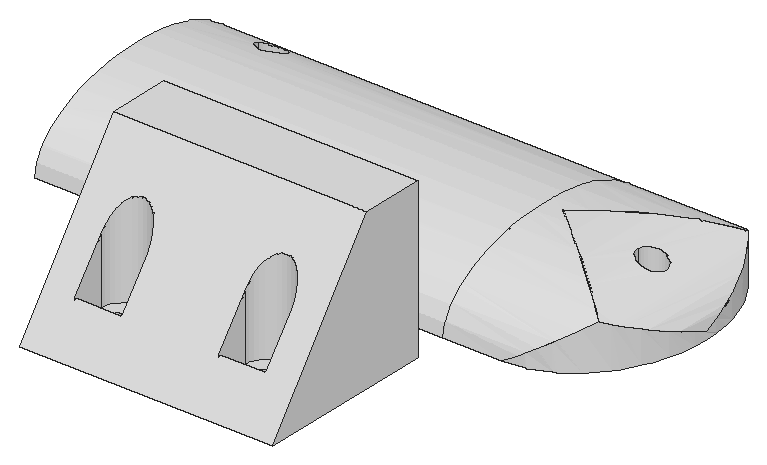
Revit family "ИО-102-40 А2П(3)", category Датчики, Revit 2019
Family settings
  Сохранять ориентацию аннотаций = Нет
  Размер круглого соединителя = Использовать диаметр
  Тип детали = Нормальный
  Номер OmniClass = 23.85.50.17
  Заголовок OmniClass = Communication and Data Processing Equipment
  На основе рабочей плоскости = Нет
  Всегда вертикально = Да
  При загрузке вырезать с полостями = Нет
  Общий = Нет
  Точка расчета площади = Нет
Parameters (values of type "ИО-102-40 А2П(3)")
  Цвет = Пластик белый
  Смещение УГО по горизонтали [instance] = if((2000 mm - Сдвиг УГО по горизонтали) < 0 mm, 0 mm, 2000 mm - Сдвиг УГО по горизонтали)  # 2000 mm
  Смещение УГО по вертикали [instance] = if((2000 mm - Сдвиг УГО по вертикали) < 0 mm, 0 mm, 2000 mm - Сдвиг УГО по вертикали)  # 2000 mm
  Сдвиг УГО по горизонтали [instance] = 0 mm
  Сдвиг УГО по вертикали [instance] = 0 mm
  Описание = "Корпус из пластика, вывод гофрорукав из оцинкованной стали, тип корпуса датчика \"лыжа\""
  Изготовитель = [ADSK_Завод-изготовитель]  # "НПП «МАГНИТО-КОНТАКТ»"
  URL = "https://m-kontakt.ru/produkt/datch_dlya_magn_konstr/io102-40"
  ADSK_Наименование = "ИО-102-40 А2П(3)"
  ADSK_Масса = 0.145
  ADSK_Код изделия = "00-00001379"
  ADSK_Завод-изготовитель = "НПП «МАГНИТО-КОНТАКТ»"  # constant formula
  ADSK_Единица измерения = "шт."  # constant formula
Reference planes
  plane 1 "По центру (Вперед/Назад)": y = 0
  plane 2: z = 0
  plane 3 "По центру (Влево/Вправо)": x = 0
  plane 4: x = 0
  plane 5: x = 2000
  plane 6: y = 2000
  plane 7: y = 0
  plane 8: x = 0
Forms (mm)
  Extrusion 1, solid, material "Пластик белый" <- "Цвет", detail levels medium+fine
    sketch origin (-31.069, -37.5, 0) x (1, 0, 0) y (0, 1, 0)
      loop
        spline (59.75, 35) -> (63.978, 35.681) -> (67.918, 37.679) -> (71.301, 40.858) -> (73.897, 45) -> (75.529, 49.824) -> (76.085, 55) -> (75.529, 60.176) -> (73.897, 65) -> (71.301, 69.142) -> (67.918, 72.321) -> (63.978, 74.319) -> (59.75, 75)
        line (59.75, 75) -> (50.504, 75) -> (50.504, 35) -> (59.75, 35)
    from 0 to 10.4
  Extrusion 2, void
    sketch origin (-21.069, -32.5, 0) x (-1, 0, 0) y (0, -1, 0)
      loop
        circle (-57.5, -50) r 2.25
    from 0 to 20
  Extrusion 3, void
    sketch origin (23.931, 55.034, 0) x (1, 0, 0) y (0, 1, 0)
      loop
        circle (-57.5, -50) r 2.25
    from 0 to 20
  Extrusion 4, void
    sketch origin (-31.069, 0, 1.127) x (1, 0, 0) y (0, 0, 1)
      loop
        line (76.085, 0) -> (81.085, 0) -> (81.085, 17.456) -> (53.338, 17.456) -> (53.338, 9.273)
        spline (53.338, 9.273) -> (56.307, 9.193) -> (59.225, 8.957) -> (62.043, 8.567) -> (64.712, 8.03) -> (67.186, 7.356) -> (69.423, 6.557) -> (71.385, 5.645) -> (73.038, 4.636) -> (74.354, 3.548) -> (75.31, 2.4) -> (75.891, 1.21) -> (76.085, 0)
    from -37.5 to 2.5
  Extrusion 5, solid, material "Пластик белый" <- "Цвет", detail levels medium+fine
    sketch origin (0, 0, 0) x (0, 1, 0) y (0, 0, 1)
      loop
        spline (37.5, 0) -> (36.819, 2.692) -> (34.821, 5.2) -> (31.642, 7.354) -> (27.5, 9.007) -> (22.676, 10.046) -> (17.5, 10.4) -> (12.324, 10.046) -> (7.5, 9.007) -> (3.358, 7.354) -> (0.179, 5.2) -> (-1.819, 2.692) -> (-2.5, 0)
        line (-2.5, 0) -> (37.5, 0)
    from -45 to 19.436
  Extrusion 6, solid, material "Пластик белый" <- "Цвет", detail levels medium+fine
    sketch origin (0, 16.747, 0) x (0, 1, 0) y (0, 0, 1)
      loop
        line (-25, 0) -> (-25, 25) -> (-35, 25) -> (-53.481, 0) -> (-25, 0)
    from -20 to 20
  Extrusion 7, void
    sketch origin (-47.839, 23.028, 0) x (-1, 0, 0) y (0, -1, 0)
      loop
        line (-55.5, 50) -> (-55.5, 55) -> (-62.938, 55) -> (-62.938, 50)
        arc (-62.938, 50) -> (-59.219, 46.281) -> (-55.5, 50) r 3.719
    from 2.9 to 25
  Extrusion 8, void
    sketch origin (68.88, 21.747, 0) x (1, 0, 0) y (0, 1, 0)
      loop
        circle (-57.5, -50) r 2
    from 0 to 32.922
  Extrusion 9, void
    sketch origin (47.839, 23.028, 0) x (1, 0, 0) y (0, 1, 0)
      loop
        arc (-55.5, -50) -> (-59.219, -46.281) -> (-62.938, -50) r 3.719
        line (-62.938, -50) -> (-62.938, -55) -> (-55.5, -55) -> (-55.5, -50)
    from 2.9 to 25
  Extrusion 10, void
    sketch origin (-68.88, 21.747, 0) x (-1, 0, 0) y (0, -1, 0)
      loop
        circle (-57.5, 50) r 2
    from 0 to 32.922
  Extrusion 11, void
    sketch origin (23.931, -20.034, 0) x (1, 0, 0) y (0, 1, 0)
      loop
        circle (-57.5, 50) r 2.25
    from 0 to 20
  Extrusion 12, void
    sketch origin (19.436, 27.5, 0) x (0, 1, 0) y (0, 0, 1)
      loop
        line (10, 0) -> (10, 10.928) -> (-30, 10.928) -> (-30, 0)
        spline (-30, 0) -> (-29.319, 2.692) -> (-27.321, 5.2) -> (-24.142, 7.354) -> (-20, 9.007) -> (-15.176, 10.046) -> (-10, 10.4) -> (-4.824, 10.046) -> (0, 9.007) -> (4.142, 7.354) -> (7.321, 5.2) -> (9.319, 2.692) -> (10, 0)
    from 0 to 21.656
Cuts and joins
  Extrusion 2, Extrusion 3, Extrusion 4, Extrusion 11, Extrusion 12 cuts Extrusion 1
  Extrusion 3, Extrusion 11 cuts Extrusion 5
  joined: Extrusion 1, Extrusion 5
  Extrusion 7, Extrusion 8, Extrusion 9, Extrusion 10 cuts Extrusion 6
Dimensions and locks
  plane 1 "По центру (Вперед/Назад)" to nested 1 = 0 mm
  locked: plane 3 "По центру (Влево/Вправо)" to plane 5 at 2000
  "Смещение УГО по горизонтали": plane 8 to plane 5
  "Смещение УГО по вертикали": plane 6 to plane 7
  locked: plane 1 "По центру (Вперед/Назад)" to plane 6 at 2000
  Extrusion 6 sketch curve to Extrusion 6 sketch curve = 25 mm
  aligned and locked: nested 1 to plane 8
  aligned and locked: nested 1 to plane 7
Automatic sketch dimensions
  plane 1 "По центру (Вперед/Назад)" to Extrusion 1 sketch curve = 2.5 mm
  plane 3 "По центру (Влево/Вправо)" to Extrusion 1 sketch curve = 19.436 mm
  Extrusion 1 sketch curve to Extrusion 1 sketch curve = 9.246 mm
  Extrusion 1 sketch curve to plane 1 "По центру (Вперед/Назад)" = 37.5 mm
  Extrusion 2 sketch curve to plane 1 "По центру (Вперед/Назад)" = 17.5 mm
  plane 3 "По центру (Влево/Вправо)" to Extrusion 2 sketch curve = 36.431 mm
  Extrusion 3 sketch curve to plane 1 "По центру (Вперед/Назад)" = 5.034 mm
  Extrusion 3 sketch curve to plane 3 "По центру (Влево/Вправо)" = 33.569 mm
  plane 3 "По центру (Влево/Вправо)" to Extrusion 4 sketch curve = 22.269 mm
  level to Extrusion 4 sketch curve = 1.127 mm
  Extrusion 4 sketch curve to Extrusion 4 sketch curve = 22.747 mm
  Extrusion 4 sketch curve to Extrusion 4 sketch curve = 5 mm
  Extrusion 4 sketch curve to Extrusion 4 sketch curve = 9.273 mm
  Extrusion 4 sketch curve to Extrusion 4 sketch curve = 8.184 mm
  Extrusion 5 sketch curve to level = 0 mm
  plane 1 "По центру (Вперед/Назад)" to Extrusion 5 sketch curve = 2.5 mm
  Extrusion 5 sketch curve to plane 1 "По центру (Вперед/Назад)" = 37.5 mm
  Extrusion 6 sketch curve to level = 0 mm
  plane 1 "По центру (Вперед/Назад)" to Extrusion 6 sketch curve = 36.733 mm
  plane 1 "По центру (Вперед/Назад)" to Extrusion 6 sketch curve = 18.253 mm
  plane 1 "По центру (Вперед/Назад)" to Extrusion 6 sketch curve = 8.253 mm
  plane 3 "По центру (Влево/Вправо)" to Extrusion 7 sketch curve = 15.099 mm
  Extrusion 7 sketch curve to Extrusion 7 sketch curve = 3.719 mm
  plane 1 "По центру (Вперед/Назад)" to Extrusion 7 sketch curve = 26.972 mm
  Extrusion 7 sketch curve to Extrusion 7 sketch curve = 5 mm
  Extrusion 7 sketch curve to Extrusion 7 sketch curve = 0 mm
  plane 3 "По центру (Влево/Вправо)" to Extrusion 8 sketch curve = 11.38 mm
  plane 1 "По центру (Вперед/Назад)" to Extrusion 8 sketch curve = 28.253 mm
  Extrusion 9 sketch curve to plane 3 "По центру (Влево/Вправо)" = 15.099 mm
  Extrusion 9 sketch curve to Extrusion 9 sketch curve = 3.719 mm
  plane 1 "По центру (Вперед/Назад)" to Extrusion 9 sketch curve = 31.972 mm
  Extrusion 9 sketch curve to Extrusion 9 sketch curve = 5 mm
  Extrusion 9 sketch curve to Extrusion 9 sketch curve = 0 mm
  Extrusion 10 sketch curve to plane 3 "По центру (Влево/Вправо)" = 11.38 mm
  plane 1 "По центру (Вперед/Назад)" to Extrusion 10 sketch curve = 28.253 mm
  Extrusion 11 sketch curve to plane 3 "По центру (Влево/Вправо)" = 33.569 mm
  Extrusion 11 sketch curve to plane 1 "По центру (Вперед/Назад)" = 29.966 mm
  Extrusion 12 sketch curve to Extrusion 1 = 0 mm  (x6)
  Extrusion 1 to Extrusion 12 sketch curve = 0 mm
  Extrusion 1 to Extrusion 12 sketch curve = 0.528 mm
  radius of Extrusion 2 sketch curve = 2.25 mm
  radius of Extrusion 3 sketch curve = 2.25 mm
  radius of Extrusion 8 sketch curve = 2 mm
  radius of Extrusion 10 sketch curve = 2 mm
  radius of Extrusion 11 sketch curve = 2.25 mm
Nested families
  nested 1: "УГО_извещатель" at (0, 0, 0), type "УГО_извещатель", detail levels coarse
Connectors
  electrical at (0, 0, 0)
    settings: index 1, voltage 0 V, apparent load 0 VA, apparent load phase1 0 VA, apparent load phase2 0 VA, apparent load phase3 0 VA, power factor 1, load classification "Прочее", number of poles 1, system type 31, power factor state 1, is connector primary yes, connector utility no, sub classification motor no, connector description ""
Definition of nested family "УГО_извещатель"
  Reference planes
    plane 1: y = 0
    plane 2: x = 0
  Lines and regions (mm)
    Filled region 1, type "Цветовая область 1"
      outline origin (0, 0, 0) x (1, 0, 0) y (0, 1, 0)
        loop
          line (-2.5, 2.5) -> (-2.5, 0.9) -> (2.5, 0.9) -> (2.5, 2.5) -> (-2.5, 2.5)
    Filled region 2, type "Цветовая область 1"
      outline origin (0, 0, 0) x (1, 0, 0) y (0, 1, 0)
        loop
          line (-2.5, -0.9) -> (-2.5, -2.5) -> (2.5, -2.5) -> (2.5, -0.9) -> (-2.5, -0.9)
    detail lines
      curve 1: line (-2.5, 2.5, 0) -> (2.5, 2.5, 0)
      curve 2: line (-2.5, -2.5, 0) -> (-2.5, 2.5, 0)
      curve 3: line (2.5, -2.5, 0) -> (-2.5, -2.5, 0)
      curve 4: line (2.5, 2.5, 0) -> (2.5, -2.5, 0)
      curve 5: line (-2.5, 0.9, 0) -> (2.5, 0.9, 0)
      curve 6: line (-2.5, -0.9, 0) -> (2.5, -0.9, 0)
